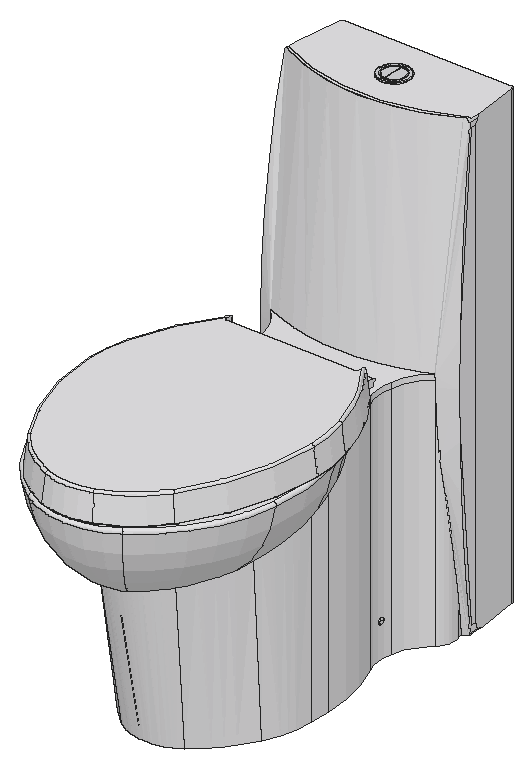
Revit family "Toilet-Floor_Mount-KOHLER-SAILE-K-3564T", category Plumbing Fixtures, host Face, Revit 2017 (continued)
Definition of nested family "K-3564T"
  Lines and regions (in)
    symbolic lines, detail levels medium+fine
      curve 121: circle (0, -8.4764216, 2.1653543) r 0.1740141 normal (1, 0, 0)
      curve 122: circle (0, -8.4748541, 2.1653543) r 0.157044 normal (1, 0, 0)
      curve 123: arc (-4.1154191, -9.6352212, 2.1653543) -> (-3.7026343, -7.9149425, 2.1653543) -> (-3.9954977, -6.1702417, 2.1653543) r 4.4326307
      curve 124: arc (4.1154191, -9.6352212, 2.1653543) -> (3.7026343, -7.9149425, 2.1653543) -> (3.9954977, -6.1702417, 2.1653543) r 4.4326307
      curve 125: line (-3.8387636, -8.3528371, 2.1653543) -> (-3.7960039, -8.3528371, 2.1653543)
      curve 126: arc (-3.7960039, -8.3528371, 2.1653543) -> (-3.805147, -8.4995014, 2.1653543) -> (-3.8494224, -8.6396217, 2.1653543) r 0.6042555
      curve 127: line (3.8387636, -8.3528371, 2.1653543) -> (3.7960039, -8.3528371, 2.1653543)
      curve 128: arc (3.7960039, -8.3528371, 2.1653543) -> (3.805147, -8.4995014, 2.1653543) -> (3.8494224, -8.6396217, 2.1653543) r 0.6042555
      curve 129: line (0, -0.0596497, 27.5713577) -> (0, -3.843581, 27.5713577)
      curve 130: arc (-0.0580991, -1.995137, 2.1653543) -> (-0.0692812, -1.9612893, 2.1653543) -> (-0.1032061, -1.9503436, 2.1653543) r 0.0393701
      curve 131: arc (-0.0101406, -1.9748045, 2.1653543) -> (0.0040849, -1.9512271, 2.1653543) -> (0.0302803, -1.9427381, 2.1653543) r 0.0393701
      curve 132: arc (-0.0625544, -3.1876248, 2.1653543) -> (-0.0813457, -3.2412159, 2.1653543) -> (-0.1360397, -3.2565022, 2.1653543) r 0.0614306
      curve 133: arc (0.0303066, -3.2701777, 2.1653543) -> (0.0041109, -3.2616898, 2.1653543) -> (-0.0101155, -3.2381129, 2.1653543) r 0.0393701
      curve 134: line (-5.6710168, 0, 15) -> (5.6710168, 0, 15)
      curve 135: line (6.2917944, 0, 15.1834021) -> (-6.2917944, 0, 15.1834021)
  Dimensions and locks (in)
    plane 4 to plane 5 = 14.29921"
    locked: plane 7 to plane 8 at 11.3425197
    plane 9 to level = 28 1/2"
    plane 10 "1" to level = 15"
    plane 11 to level = 7.22047"
    plane 10 "1" to plane 13 = 1.88189"
    plane 1 "Center (Front/Back)" to plane 12 = 1.62205"
    plane 1 "Center (Front/Back)" to plane 14 = 5.45669"
    plane 6 to plane 1 "Center (Front/Back)" = 28.03543"
    equal spacing: plane 6, plane 22, plane 1 "Center (Front/Back)"
    aligned and locked: plane 2 to level
  Automatic sketch dimensions
    curve 109 to plane 6 = 0"
    curve 121 to plane 21 "2" = 0"
    curve 122 to plane 21 "2" = 0"
    curve 95 to level = 0"
    curve 96 to level = 0"
    curve 98 to plane 20 = 0"
    curve 97 to plane 12 = 0"
    curve 102 to plane 6 = 0.66584"
    curve 101 to curve 102 = 0.10055"
    curve 99 to plane 6 = 12.59109"
    plane 10 "1" to curve 120 = 0.1834"
    plane 6 to curve 120 = 2.0213"
    plane 6 to curve 100 = 2.44381"
    plane 22 to curve 94 = 4.06791"
    curve 110 to plane 10 "1" = 0.2965"
    curve 94 to curve 110 = 0.38987"
    plane 14 to curve 121 = 3.01973"
    curve 121 to curve 122 = 0.00157"
    curve 105 to plane 9 = 0.27134"
    curve 105 to plane 14 = 0.82404"
    curve 96 to plane 10 "1" = 0.70269"
    plane 9 to curve 100 = 3.79703"
    curve 100 to curve 102 = 8.54416"
    curve 102 to curve 101 = 0.19891"
    curve 101 to curve 99 = 21.58527"
    plane 13 to curve 91 = 0.13082"
    plane 10 "1" to curve 93 = 0.00016"
    curve 93 to curve 120 = 0.554"
    curve 120 to curve 119 = 1.24918"
    curve 118 to plane 10 "1" = 0.00137"
    curve 119 to curve 118 = 0.25702"
    plane 20 to curve 100 = 1.42886"
    plane 6 to curve 100 = 4.51925"
    curve 100 to curve 102 = 0.07332"
    curve 117 to plane 10 "1" = 0.00137"
    curve 118 to curve 117 = 4.25045"
    curve 117 to curve 116 = 1.9685"
    curve 99 to curve 100 = 0"
    curve 114 to plane 22 = 0.61117"
    curve 114 to curve 115 = 0.19685"
    curve 101 to plane 22 = 0.03888"
    curve 102 to curve 101 = 0"
    curve 113 to plane 10 "1" = 0.00137"
    plane 22 to curve 113 = 1.01384"
    curve 112 to curve 92 = 0.68012"
    curve 91 to curve 94 = 0.17914"
    curve 94 to curve 108 = 0.02588"
    curve 108 to curve 111 = 0.01362"
    curve 109 to curve 110 = 0"
    curve 101 to curve 93 = 0.3937"
    curve 108 to curve 93 = 0"
    plane 10 "1" to curve 107 = 0.29084"
    curve 108 to curve 107 = 0.1167"
    plane 10 "1" to curve 103 = 0.00016"
    plane 14 to curve 103 = 1.37654"
    curve 103 to plane 14 = 0.22388"
    curve 104 to curve 96 = 0.2991"
    curve 104 to plane 9 = 0.0023"
    curve 104 to curve 104 = 0.03086"
    curve 104 to plane 9 = 0.00275"
    curve 104 to curve 104 = 0.02551"
    curve 105 to plane 9 = 0.12426"
    curve 105 to curve 106 = 0.12813"
    curve 98 to curve 97 = 0.3937"
    plane 12 to curve 106 = 0.04845"
    plane 1 "Center (Front/Back)" to curve 129 = 0.05965"
    curve 95 to curve 96 = 22.36322"
    curve 115 to plane 10 "1" = 0.00137"
    curve 114 to plane 10 "1" = 0.00137"
    curve 119 to plane 10 "1" = 0.00137"
    curve 120 to plane 10 "1" = 0.00137"
    curve 116 to plane 10 "1" = 0.00137"
    curve 108 to curve 94 = 0.07236"
    curve 107 to curve 94 = 0.17205"
    curve 106 to plane 9 = 0.12384"
    Extrusion 1 sketch curve to level = 0"
    Extrusion 1 sketch curve to plane 9 = 0"
    Extrusion 1 sketch curve to plane 10 "1" = 3/4"  (x2)
    Extrusion 1 sketch curve to plane 4 = 229.18053"
    plane 7 to Extrusion 1 sketch curve = 0.05569"
    plane 7 to Extrusion 1 sketch curve = 0.25998"
    plane 8 to Extrusion 1 sketch curve = 0.25998"
    plane 8 to Extrusion 1 sketch curve = 0.05569"
    Extrusion 1 sketch curve to plane 5 = 229.18053"
    Extrusion 1 sketch curve to Extrusion 1 sketch curve = 0.05906"  (x2)
    Extrusion 1 sketch curve to plane 9 = 0.27559"  (x2)
    Extrusion 1 sketch curve to Extrusion 1 sketch curve = 0"  (x2)
    Sweep 2 sketch curve to plane 4 = 0"
    Sweep 2 sketch curve to plane 3 "Center (Left/Right)" = 0"
    Sweep 2 sketch curve to plane 5 = 0"
    Sweep 2 sketch curve to plane 1 "Center (Front/Back)" = 5.53765"
    Sweep 2 sketch curve to plane 14 = 0.89871"
    Sweep 2 sketch curve to level = 0"
    profile plane to Sweep 2 sketch curve = 2 53/64"
    Sweep 2 sketch curve to profile plane = 1.37654"  (x2)
    level to Sweep 2 sketch curve = 14 1/4"
    Sweep 2 sketch curve to profile plane = 74 31/128"
    plane 1 "Center (Front/Back)" to Extrusion 3 sketch curve = 0"
    plane 4 to Extrusion 3 sketch curve = 0.23513"
    Extrusion 3 sketch curve to plane 7 = 0.06211"
    plane 1 "Center (Front/Back)" to Extrusion 3 sketch curve = 0.17286"  (x2)
    plane 7 to Extrusion 3 sketch curve = 0.37248"
    Extrusion 3 sketch curve to Extrusion 3 sketch curve = 0.19538"  (x2)
    plane 8 to Extrusion 3 sketch curve = 0.56786"
    Extrusion 3 sketch curve to plane 8 = 0.06211"
    plane 5 to Extrusion 3 sketch curve = 0.23513"
    Extrusion 3 sketch curve to plane 14 = 1.74441"  (x2)
    Extrusion 3 sketch curve to plane 1 "Center (Front/Back)" = 0.61843"
    Extrusion 4 sketch curve to level = 0"
    Extrusion 4 sketch curve to plane 14 = 1.76966"
    plane 9 to Extrusion 4 sketch curve = 0.16739"
    plane 1 "Center (Front/Back)" to Extrusion 4 sketch curve = 3.67544"
    Extrusion 4 sketch curve to Extrusion 4 sketch curve = 0.55372"
    Extrusion 4 sketch curve to plane 10 "1" = 0.70269"
    plane 1 "Center (Front/Back)" to Extrusion 5 sketch curve = 0"
    Extrusion 5 sketch curve to plane 3 "Center (Left/Right)" = 0"
    Extrusion 5 sketch curve to plane 7 = 0.38237"
    Extrusion 5 sketch curve to plane 8 = 0.38237"
    plane 12 to Extrusion 5 sketch curve = 1.89724"
    Extrusion 5 sketch curve to plane 1 "Center (Front/Back)" = 6.16435"
    Extrusion 6 sketch curve to level = 0"
    Extrusion 6 sketch curve to plane 14 = 1.76966"
    plane 9 to Extrusion 6 sketch curve = 0.16739"
    plane 1 "Center (Front/Back)" to Extrusion 6 sketch curve = 3.67544"
    Extrusion 6 sketch curve to Extrusion 6 sketch curve = 0.55372"
    Extrusion 6 sketch curve to plane 10 "1" = 0.70269"
    plane 12 to Revolve 7 sketch curve = 0.28764"
    Revolve 7 sketch curve to Revolve 7 sketch curve = 0.02347"
    plane 12 to Revolve 7 sketch curve = 0.07207"
    Revolve 7 sketch curve to Revolve 7 sketch curve = 0.02362"
    Revolve 7 sketch curve to plane 9 = 0.13303"
    Revolve 7 sketch curve to Revolve 7 sketch curve = 0.03556"
    Revolve 7 sketch curve to plane 9 = 0.07384"
    Revolve 7 sketch curve to Revolve 7 sketch curve = 0.70032"
    Revolve 7 sketch curve to Revolve 7 sketch curve = 0.31964"
    Extrusion 8 sketch curve to Extrusion 8 sketch curve = 0"  (x9)
    Extrusion 8 sketch curve to plane 3 "Center (Left/Right)" = 0.0923"
    Extrusion 8 sketch curve to plane 3 "Center (Left/Right)" = 0.08999"
    Extrusion 8 sketch curve to plane 3 "Center (Left/Right)" = 0.01532"
    Extrusion 8 sketch curve to plane 3 "Center (Left/Right)" = 0.01011"
    plane 3 "Center (Left/Right)" to Extrusion 8 sketch curve = 0.00142"
    plane 12 to Extrusion 8 sketch curve = 63/64"  (x2)
    plane 8 to Extrusion 8 sketch curve = 2.31806"
    Extrusion 8 sketch curve to Extrusion 8 sketch curve = 0.61342"
    Extrusion 8 sketch curve to Extrusion 8 sketch curve = 0.61795"
    Extrusion 8 sketch curve to Extrusion 8 sketch curve = 0.00364"
    plane 12 to Extrusion 8 sketch curve = 0.36503"
    Extrusion 8 sketch curve to Extrusion 8 sketch curve = 0.00455"
    Extrusion 8 sketch curve to Extrusion 8 sketch curve = 0.0031"
    Extrusion 8 sketch curve to Extrusion 8 sketch curve = 0.0277"
    Extrusion 9 sketch curve to plane 4 = 0.52084"
    plane 4 to Extrusion 9 sketch curve = 0.35711"
    plane 7 to Extrusion 9 sketch curve = 0.27146"
    plane 22 to Extrusion 9 sketch curve = 0.05582"  (x2)
    plane 7 to Extrusion 9 sketch curve = 0.50982"
    Extrusion 9 sketch curve to Extrusion 9 sketch curve = 0.08665"  (x2)
    plane 7 to Extrusion 9 sketch curve = 0.79333"
    Extrusion 9 sketch curve to Extrusion 9 sketch curve = 0.43118"
    plane 22 to Extrusion 9 sketch curve = 0.89858"  (x2)
    Extrusion 9 sketch curve to Extrusion 9 sketch curve = 0.70218"
    Extrusion 9 sketch curve to plane 14 = 0.67049"  (x2)
    Extrusion 9 sketch curve to Extrusion 9 sketch curve = 1.28989"
    Extrusion 9 sketch curve to plane 3 "Center (Left/Right)" = 0.07992"
    plane 8 to Extrusion 9 sketch curve = 1.56134"
    plane 8 to Extrusion 9 sketch curve = 1 3/16"
    plane 8 to Extrusion 9 sketch curve = 0.79333"
    Extrusion 9 sketch curve to Extrusion 9 sketch curve = 0.59101"
    plane 8 to Extrusion 9 sketch curve = 0.27146"
    plane 5 to Extrusion 9 sketch curve = 0.35711"
    Extrusion 9 sketch curve to plane 5 = 0.52084"
    Extrusion 9 sketch curve to plane 22 = 1.13309"  (x2)
    plane 22 to Extrusion 9 sketch curve = 0.326"
    plane 14 to Extrusion 9 sketch curve = 3.127"  (x2)
    Extrusion 9 sketch curve to Extrusion 9 sketch curve = 0.19705"  (x2)
    Extrusion 9 sketch curve to plane 14 = 1.07522"  (x2)
    plane 12 to Extrusion 9 sketch curve = 1.0962"
    Extrusion 9 sketch curve to Extrusion 9 sketch curve = 0"  (x3)
    plane 8 to Extrusion 9 sketch curve = 1.76099"
    Blend 10 sketch curve to Blend 10 sketch curve = 0"  (x32)
    Blend 10 sketch curve to plane 3 "Center (Left/Right)" = 0"  (x2)
    Blend 10 sketch curve to plane 3 "Center (Left/Right)" = 1.14935"
    plane 22 to Blend 10 sketch curve = 0.00453"  (x2)
    plane 7 to Blend 10 sketch curve = 2.0772"
    plane 7 to Blend 10 sketch curve = 1.30382"  (x2)
    plane 7 to Blend 10 sketch curve = 0.59648"  (x2)
    plane 3 "Center (Left/Right)" to Blend 10 sketch curve = 1.14935"
    plane 8 to Blend 10 sketch curve = 2.0772"
    plane 8 to Blend 10 sketch curve = 1.30396"  (x2)
    plane 8 to Blend 10 sketch curve = 0.59648"  (x2)
    Blend 10 sketch curve to plane 22 = 1.13309"  (x4)
    Blend 10 sketch curve to Blend 10 sketch curve = 0.15139"  (x3)
    Blend 10 sketch curve to plane 22 = 1.28448"
    Blend 10 sketch curve to Blend 10 sketch curve = 3.31184"
    Blend 10 sketch curve to plane 3 "Center (Left/Right)" = 1.50339"
    Blend 10 sketch curve to Blend 10 sketch curve = 0.43553"
    plane 4 to Blend 10 sketch curve = 0.34924"
    Blend 10 sketch curve to plane 22 = 0.43966"  (x2)
    Blend 10 sketch curve to plane 4 = 2.16731"
    plane 5 to Blend 10 sketch curve = 0.34924"
    Blend 10 sketch curve to plane 5 = 2.16731"
    Blend 10 sketch curve to Blend 10 sketch curve = 2.13573"
    Blend 10 sketch curve to plane 3 "Center (Left/Right)" = 1.99937"
    Blend 10 sketch curve to Blend 10 sketch curve = 0.57922"
    Sweep 11 sketch curve to plane 3 "Center (Left/Right)" = 0"
    plane 3 "Center (Left/Right)" to Sweep 11 sketch curve = 0.00023"
    Sweep 11 sketch curve to plane 15 = 0.49067"
    Sweep 11 sketch curve to plane 16 = 0.18284"  (x2)
    plane 16 to Sweep 11 sketch curve = 0.30549"  (x2)
    plane 17 to Sweep 11 sketch curve = 0.42695"  (x2)
    Sweep 11 sketch curve to plane 17 = 0.20617"
    plane 3 "Center (Left/Right)" to Sweep 11 sketch curve = 1.5759"
    Sweep 11 sketch curve to Sweep 11 sketch curve = 0.95832"  (x2)
    Sweep 11 sketch curve to plane 8 = 0.65993"
    Sweep 11 sketch curve to plane 3 "Center (Left/Right)" = 1.5759"
    Sweep 11 sketch curve to plane 7 = 0.65993"
    plane 18 to Sweep 11 sketch curve = 227/256"
    plane 15 to Sweep 11 sketch curve = 1.57868"
    Sweep 11 sketch curve to Sweep 11 sketch curve = 0"  (x9)
    Sweep 11 sketch curve to plane 16 = 1.07462"
    Sweep 11 sketch curve to plane 10 "1" = 0"
    profile plane to Sweep 11 sketch curve = 2.41612"
    Sweep 11 sketch curve to plane 10 "1" = 0.19685"
    Sweep 11 sketch curve to Sweep 11 sketch curve = 0.01244"
    Sweep 11 sketch curve to Sweep 11 sketch curve = 0.50256"
    Sweep 11 sketch curve to Sweep 11 sketch curve = 0.78265"
    Sweep 11 sketch curve to Sweep 11 sketch curve = 0.45891"
    profile plane to Sweep 11 sketch curve = 0.28086"
    Sweep 11 sketch curve to profile plane = 2.41428"
    Sweep 11 sketch curve to Sweep 11 sketch curve = 0.03765"
    plane 10 "1" to Sweep 11 sketch curve = 0.37524"
    Sweep 11 sketch curve to profile plane = 3.67976"
    Sweep 11 sketch curve to Sweep 11 sketch curve = 0.63303"
    Sweep 11 sketch curve to plane 10 "1" = 1.21021"
    Sweep 11 sketch curve to Sweep 11 sketch curve = 0.39761"
    Sweep 11 sketch curve to Sweep 11 sketch curve = 0.06085"
    Sweep 11 sketch curve to Sweep 11 sketch curve = 0.55304"
    Sweep 11 sketch curve to Sweep 11 sketch curve = 0.55399"
    Sweep 11 sketch curve to Sweep 11 sketch curve = 2.85807"
    Sweep 11 sketch curve to Sweep 11 sketch curve = 0.92696"
    Sweep 11 sketch curve to Sweep 11 sketch curve = 0.399"
    plane 6 to Extrusion 12 sketch curve = 2.53697"
    plane 10 "1" to Extrusion 12 sketch curve = 0.00016"
    plane 6 to Extrusion 12 sketch curve = 3.43581"
    Extrusion 12 sketch curve to plane 22 = 6.4542"
    plane 13 to Extrusion 12 sketch curve = 0.40552"
    Extrusion 12 sketch curve to plane 22 = 3.64094"
    plane 22 to Extrusion 12 sketch curve = 1.62282"
    plane 20 to Extrusion 12 sketch curve = 1.99725"
    Extrusion 12 sketch curve to plane 13 = 4.96067"
    plane 9 to Extrusion 12 sketch curve = 16.65678"
    Extrusion 12 sketch curve to Extrusion 12 sketch curve = 0"
    Extrusion 13 sketch curve to plane 3 "Center (Left/Right)" = 0"
    Extrusion 13 sketch curve to plane 14 = 0.67049"  (x2)
    plane 7 to Extrusion 13 sketch curve = 1.56134"
    plane 7 to Extrusion 13 sketch curve = 0.79333"
    plane 22 to Extrusion 13 sketch curve = 0.05582"  (x2)
    plane 7 to Extrusion 13 sketch curve = 0.50982"
    plane 7 to Extrusion 13 sketch curve = 0.27146"
    plane 4 to Extrusion 13 sketch curve = 0.35711"
    Extrusion 13 sketch curve to plane 4 = 0.52084"
    plane 8 to Extrusion 13 sketch curve = 1.56134"
    plane 8 to Extrusion 13 sketch curve = 0.79333"
    plane 8 to Extrusion 13 sketch curve = 0.50982"
    plane 8 to Extrusion 13 sketch curve = 0.27146"
    plane 5 to Extrusion 13 sketch curve = 0.35711"
    Extrusion 13 sketch curve to plane 5 = 0.52084"
    Extrusion 13 sketch curve to plane 22 = 3.02781"
    plane 14 to Extrusion 13 sketch curve = 3.127"  (x2)
    Extrusion 13 sketch curve to Extrusion 13 sketch curve = 0.19705"  (x2)
    Extrusion 13 sketch curve to plane 14 = 1.07522"  (x2)
    plane 12 to Extrusion 13 sketch curve = 1.0962"
    plane 7 to Extrusion 13 sketch curve = 1.76099"
    Extrusion 13 sketch curve to Extrusion 13 sketch curve = 0"  (x4)
    plane 7 to Extrusion 13 sketch curve = 0.68488"
    plane 8 to Extrusion 13 sketch curve = 1.76099"
    Extrusion 14 sketch curve to plane 3 "Center (Left/Right)" = 0"
    Extrusion 14 sketch curve to plane 3 "Center (Left/Right)" = 1.5759"
    Extrusion 14 sketch curve to Extrusion 14 sketch curve = 0.95832"  (x2)
    Extrusion 14 sketch curve to plane 7 = 0.65993"
    plane 3 "Center (Left/Right)" to Extrusion 14 sketch curve = 0.00023"
    plane 3 "Center (Left/Right)" to Extrusion 14 sketch curve = 1.5759"
    Extrusion 14 sketch curve to plane 8 = 0.65993"
    plane 6 to Extrusion 14 sketch curve = 5.13634"
    Extrusion 14 sketch curve to Extrusion 14 sketch curve = 3.69656"  (x2)
    Extrusion 14 sketch curve to Extrusion 14 sketch curve = 0.48833"  (x2)
    Extrusion 14 sketch curve to Extrusion 14 sketch curve = 1.61495"  (x2)
    Extrusion 14 sketch curve to Extrusion 14 sketch curve = 0.63313"
    Extrusion 14 sketch curve to plane 3 "Center (Left/Right)" = 0.03206"
    Extrusion 14 sketch curve to Extrusion 14 sketch curve = 0.00014"
    Extrusion 14 sketch curve to Extrusion 14 sketch curve = 0.0777"
    Extrusion 14 sketch curve to Extrusion 14 sketch curve = 0"  (x6)
    plane 3 "Center (Left/Right)" to Extrusion 14 sketch curve = 0.03252"
    Extrusion 15 sketch curve to plane 4 = 0"  (x2)
    Extrusion 15 sketch curve to plane 3 "Center (Left/Right)" = 0"
    Extrusion 15 sketch curve to plane 5 = 0"  (x2)
    plane 4 to Extrusion 15 sketch curve = 0.09449"
    plane 4 to Extrusion 15 sketch curve = 0.27934"
    plane 7 to Extrusion 15 sketch curve = 1.39953"
    Extrusion 15 sketch curve to Extrusion 15 sketch curve = 0.12462"  (x2)
    Extrusion 15 sketch curve to Extrusion 15 sketch curve = 0.20336"
    Extrusion 15 sketch curve to Extrusion 15 sketch curve = 0.06002"  (x2)
    Extrusion 15 sketch curve to plane 3 "Center (Left/Right)" = 2.23145"
    Extrusion 15 sketch curve to plane 3 "Center (Left/Right)" = 0.82433"
    plane 3 "Center (Left/Right)" to Extrusion 15 sketch curve = 0.82433"
    plane 3 "Center (Left/Right)" to Extrusion 15 sketch curve = 2.23145"
    plane 8 to Extrusion 15 sketch curve = 1.66291"
    Extrusion 15 sketch curve to Extrusion 15 sketch curve = 0.07874"
    plane 5 to Extrusion 15 sketch curve = 0.27934"
    plane 5 to Extrusion 15 sketch curve = 0.09449"
    plane 6 to Extrusion 15 sketch curve = 4.34341"
    Extrusion 15 sketch curve to Extrusion 15 sketch curve = 2.16097"
    Extrusion 15 sketch curve to Extrusion 15 sketch curve = 0"  (x6)
    Extrusion 15 sketch curve to plane 22 = 4.6082"  (x2)
    Extrusion 15 sketch curve to Extrusion 15 sketch curve = 4.20139"  (x2)
    Extrusion 15 sketch curve to Extrusion 15 sketch curve = 1.35796"
    Extrusion 15 sketch curve to Extrusion 15 sketch curve = 0.1817"
    plane 22 to Extrusion 15 sketch curve = 3.48569"
    Extrusion 15 sketch curve to Extrusion 15 sketch curve = 0.32536"  (x2)
    Extrusion 15 sketch curve to Extrusion 15 sketch curve = 0.11811"  (x2)
    Sweep 16 sketch curve to profile plane = 0"  (x2)
    profile plane to Sweep 16 sketch curve = 0.20859"
    Sweep 16 sketch curve to Sweep 16 sketch curve = 0.15606"
    Sweep 16 sketch curve to profile plane = 0.13641"
    Sweep 16 sketch curve to Sweep 16 sketch curve = 1.5449"
    plane 10 "1" to Extrusion 17 sketch curve = 0.00016"
    plane 22 to Extrusion 17 sketch curve = 3.3878"
    Extrusion 17 sketch curve to Extrusion 17 sketch curve = 0.05851"
    plane 13 to Extrusion 17 sketch curve = 0.55454"
    Extrusion 17 sketch curve to Extrusion 17 sketch curve = 0.49815"
    Extrusion 17 sketch curve to Extrusion 17 sketch curve = 0.71962"
    Extrusion 17 sketch curve to Extrusion 17 sketch curve = 0.06117"
    plane 10 "1" to Extrusion 18 sketch curve = 0.00016"
    plane 22 to Extrusion 18 sketch curve = 3.3878"
    Extrusion 18 sketch curve to Extrusion 18 sketch curve = 0.05851"
    plane 13 to Extrusion 18 sketch curve = 0.55454"
    Extrusion 18 sketch curve to Extrusion 18 sketch curve = 0.49815"
    Extrusion 18 sketch curve to Extrusion 18 sketch curve = 0.71962"
    Extrusion 18 sketch curve to Extrusion 18 sketch curve = 0.06117"
    plane 10 "1" to Extrusion 19 sketch curve = 0.00016"
    plane 22 to Extrusion 19 sketch curve = 3.3878"
    Extrusion 19 sketch curve to Extrusion 19 sketch curve = 0.05851"
    plane 13 to Extrusion 19 sketch curve = 0.55454"
    Extrusion 19 sketch curve to Extrusion 19 sketch curve = 0.49815"
    Extrusion 19 sketch curve to Extrusion 19 sketch curve = 0.71962"
    plane 13 to Extrusion 19 sketch curve = 0.11724"
    plane 11 to Extrusion 20 sketch curve = 0.21523"
    plane 22 to Extrusion 20 sketch curve = 3.21695"
    plane 10 "1" to Extrusion 20 sketch curve = 0.69304"
    plane 22 to Extrusion 20 sketch curve = 4.00184"
    plane 10 "1" to Extrusion 20 sketch curve = 0.00016"
    Extrusion 20 sketch curve to Extrusion 20 sketch curve = 1.36114"
    Extrusion 20 sketch curve to Extrusion 20 sketch curve = 0.08904"
    Extrusion 20 sketch curve to Extrusion 20 sketch curve = 0.19685"
    Extrusion 20 sketch curve to Extrusion 20 sketch curve = 0.11089"
    Extrusion 20 sketch curve to Extrusion 20 sketch curve = 0.24184"
    Extrusion 20 sketch curve to Extrusion 20 sketch curve = 0"
    plane 11 to Extrusion 21 sketch curve = 0.21523"
    plane 22 to Extrusion 21 sketch curve = 3.21695"
    plane 10 "1" to Extrusion 21 sketch curve = 0.69304"
    plane 22 to Extrusion 21 sketch curve = 4.00184"
    plane 10 "1" to Extrusion 21 sketch curve = 0.00016"
    Extrusion 21 sketch curve to Extrusion 21 sketch curve = 1.36114"
    Extrusion 21 sketch curve to Extrusion 21 sketch curve = 0.08904"
    Extrusion 21 sketch curve to Extrusion 21 sketch curve = 0.19685"
    plane 10 "1" to Extrusion 21 sketch curve = 0.35289"
    plane 10 "1" to Extrusion 21 sketch curve = 0.11105"
    Extrusion 21 sketch curve to Extrusion 21 sketch curve = 0"
    Extrusion 22 sketch curve to plane 12 = 0"
    Extrusion 22 sketch curve to plane 20 = 0"
    Extrusion 23 sketch curve to plane 3 "Center (Left/Right)" = 0"
    Extrusion 23 sketch curve to plane 11 = 0"
    plane 7 to Revolve 24 sketch curve = 2.18551"
    plane 14 to Revolve 24 sketch curve = 2.98081"
    Revolve 24 sketch curve to Revolve 24 sketch curve = 0.05528"
    Revolve 24 sketch curve to Revolve 24 sketch curve = 0.03217"
    Revolve 24 sketch curve to Revolve 24 sketch curve = 0.11971"
    Revolve 24 sketch curve to Revolve 24 sketch curve = 0.0187"
    Revolve 24 sketch curve to Revolve 24 sketch curve = 0.03372"
    Revolve 24 sketch curve to Revolve 24 sketch curve = 0.00076"
    Revolve 24 sketch curve to Revolve 24 sketch curve = 0.2787"
    Revolve 24 sketch curve to Revolve 24 sketch curve = 0.03208"
    Revolve 24 sketch curve to Revolve 24 sketch curve = 0.01698"
    Revolve 24 sketch curve to Revolve 24 sketch curve = 0.10915"
    Revolve 24 sketch curve to Revolve 24 sketch curve = 0.05814"
    Revolve 24 sketch curve to Revolve 24 sketch curve = 0.3029"
    Revolve 24 sketch curve to Revolve 24 sketch curve = 0.21697"
    Revolve 25 sketch curve to plane 8 = 2.18551"
    Revolve 25 sketch curve to plane 14 = 2.98081"
    Revolve 25 sketch curve to Revolve 25 sketch curve = 0.05528"
    Revolve 25 sketch curve to Revolve 25 sketch curve = 0.03217"
    Revolve 25 sketch curve to Revolve 25 sketch curve = 0.11971"
    Revolve 25 sketch curve to Revolve 25 sketch curve = 0.0187"
    Revolve 25 sketch curve to Revolve 25 sketch curve = 0.03372"
    Revolve 25 sketch curve to Revolve 25 sketch curve = 0.00076"
    Revolve 25 sketch curve to Revolve 25 sketch curve = 0.2787"
    Revolve 25 sketch curve to Revolve 25 sketch curve = 0.03208"
    Revolve 25 sketch curve to Revolve 25 sketch curve = 0.01698"
    Revolve 25 sketch curve to Revolve 25 sketch curve = 0.10915"
    Revolve 25 sketch curve to Revolve 25 sketch curve = 0.05814"
    Revolve 25 sketch curve to Revolve 25 sketch curve = 0.3029"
    Revolve 25 sketch curve to Revolve 25 sketch curve = 0.21697"
    Masking region 1 sketch curve to Masking region 1 sketch curve = 0"  (x14)
    Masking region 1 sketch curve to plane 3 "Center (Left/Right)" = 0"
    Masking region 1 sketch curve to plane 5 = 0"  (x2)
    Masking region 1 sketch curve to plane 4 = 0"  (x2)
    Masking region 1 sketch curve to plane 8 = 0"
    Masking region 1 sketch curve to plane 7 = 0"
    plane 1 "Center (Front/Back)" to Masking region 1 sketch curve = 0"
    plane 1 "Center (Front/Back)" to Masking region 1 sketch curve = 0.17286"  (x2)
    Masking region 1 sketch curve to Masking region 1 sketch curve = 0.02399"  (x2)
    plane 12 to Masking region 1 sketch curve = 1.58439"  (x2)
    Masking region 1 sketch curve to Masking region 1 sketch curve = 0.46528"  (x2)
    Masking region 1 sketch curve to plane 14 = 0.64934"  (x2)
    Masking region 1 sketch curve to plane 14 = 0.22296"  (x2)
    plane 14 to Masking region 1 sketch curve = 2.86175"  (x2)
    Masking region 1 sketch curve to Masking region 1 sketch curve = 0.00568"  (x2)
    Masking region 1 sketch curve to Masking region 1 sketch curve = 0.03439"  (x2)
    plane 7 to Masking region 1 sketch curve = 1.79564"
    Masking region 1 sketch curve to Masking region 1 sketch curve = 0.02999"  (x2)
    plane 8 to Masking region 1 sketch curve = 1.79564"
    plane 5 to Masking region 1 sketch curve = 0.35711"
    Masking region 1 sketch curve to Masking region 1 sketch curve = 0.06252"  (x2)
    plane 4 to Masking region 1 sketch curve = 0.35711"
    Masking region 1 sketch curve to Masking region 1 sketch curve = 0.08473"  (x2)
    Masking region 1 sketch curve to Masking region 1 sketch curve = 0.05404"  (x2)
    Masking region 1 sketch curve to plane 4 = 0.52084"
    Masking region 1 sketch curve to Masking region 1 sketch curve = 0.19705"  (x2)
    Masking region 1 sketch curve to plane 5 = 0.52084"
    Masking region 1 sketch curve to Masking region 1 sketch curve = 0.24771"  (x2)
    Masking region 1 sketch curve to Masking region 1 sketch curve = 0.03111"  (x2)
    Masking region 1 sketch curve to Masking region 1 sketch curve = 0.00456"  (x2)
    Masking region 1 sketch curve to Masking region 1 sketch curve = 0.00212"  (x2)
    plane 7 to Masking region 1 sketch curve = 0.58767"
    Masking region 1 sketch curve to Masking region 1 sketch curve = 0.55074"  (x2)
    plane 8 to Masking region 1 sketch curve = 0.58767"
    plane 4 to Masking region 1 sketch curve = 0.09449"
    Masking region 1 sketch curve to plane 22 = 3.25024"  (x2)
    plane 5 to Masking region 1 sketch curve = 0.09449"
    plane 3 "Center (Left/Right)" to Masking region 1 sketch curve = 2.23145"
    Masking region 1 sketch curve to Masking region 1 sketch curve = 0.0617"
    Masking region 1 sketch curve to plane 3 "Center (Left/Right)" = 2.23145"
    plane 4 to Masking region 1 sketch curve = 0.27934"
    Masking region 1 sketch curve to Masking region 1 sketch curve = 1.17626"  (x2)
    plane 5 to Masking region 1 sketch curve = 0.27934"
    plane 3 "Center (Left/Right)" to Masking region 1 sketch curve = 0.82433"
    Masking region 1 sketch curve to Masking region 1 sketch curve = 4.20139"
    Masking region 1 sketch curve to plane 3 "Center (Left/Right)" = 0.82433"
    Masking region 1 sketch curve to Masking region 1 sketch curve = 2.16097"
    Masking region 1 sketch curve to plane 3 "Center (Left/Right)" = 0.48067"
    Masking region 1 sketch curve to plane 1 "Center (Front/Back)" = 6.34342"
    plane 3 "Center (Left/Right)" to Masking region 1 sketch curve = 0.48067"
    Masking region 1 sketch curve to plane 8 = 0.41929"
    plane 8 to Masking region 1 sketch curve = 0.37248"
    Masking region 1 sketch curve to Masking region 1 sketch curve = 0.01725"
    Masking region 1 sketch curve to Masking region 1 sketch curve = 0.00656"
    Masking region 1 sketch curve to Masking region 1 sketch curve = 0.01602"  (x2)
    Masking region 1 sketch curve to Masking region 1 sketch curve = 0.01514"
    Masking region 1 sketch curve to Masking region 1 sketch curve = 0.01637"  (x2)
    Masking region 1 sketch curve to Masking region 1 sketch curve = 0.01639"  (x2)
    Masking region 1 sketch curve to Masking region 1 sketch curve = 0.35301"
    Masking region 1 sketch curve to Masking region 1 sketch curve = 0.00187"  (x2)
    Masking region 1 sketch curve to Masking region 1 sketch curve = 0.39174"
    Masking region 1 sketch curve to Masking region 1 sketch curve = 0.03686"
    Masking region 1 sketch curve to Masking region 1 sketch curve = 0.0262"
    Masking region 1 sketch curve to Masking region 1 sketch curve = 0.00123"
    plane 7 to Masking region 1 sketch curve = 0.56786"
    Masking region 1 sketch curve to plane 7 = 0.41929"
    plane 14 to Masking region 1 sketch curve = 0.31571"  (x2)
    Masking region 1 sketch curve to Masking region 1 sketch curve = 0.12206"
    Masking region 1 sketch curve to Masking region 1 sketch curve = 0.12566"
    Masking region 1 sketch curve to Masking region 1 sketch curve = 0.39222"  (x2)
    Extrusion 26 sketch curve to plane 7 = 0.62053"
    Extrusion 26 sketch curve to plane 7 = 0.22683"
    plane 7 to Extrusion 26 sketch curve = 0.06604"
    Extrusion 26 sketch curve to Extrusion 26 sketch curve = 0.34095"  (x2)
    plane 7 to Extrusion 26 sketch curve = 0.89059"
    plane 7 to Extrusion 26 sketch curve = 1.35174"
    Extrusion 26 sketch curve to Extrusion 26 sketch curve = 0.29823"  (x2)
    Extrusion 26 sketch curve to Extrusion 26 sketch curve = 1.07659"  (x2)
    plane 8 to Extrusion 26 sketch curve = 2 93/128"
    plane 8 to Extrusion 26 sketch curve = 1.23154"
    plane 8 to Extrusion 26 sketch curve = 0.407"
    Extrusion 26 sketch curve to plane 8 = 0.22683"
    Extrusion 26 sketch curve to Extrusion 26 sketch curve = 0.3937"
    plane 6 to Extrusion 26 sketch curve = 2.0213"  (x2)
    Extrusion 26 sketch curve to Extrusion 26 sketch curve = 0.25702"  (x2)
    Extrusion 26 sketch curve to Extrusion 26 sketch curve = 4.25045"  (x2)
    Extrusion 26 sketch curve to Extrusion 26 sketch curve = 1.9685"  (x2)
    Extrusion 26 sketch curve to plane 22 = 0.61117"  (x2)
    Extrusion 26 sketch curve to Extrusion 26 sketch curve = 0.19685"  (x2)
    Masking region 3 sketch curve to plane 6 = 0"
    Masking region 3 sketch curve to plane 10 "1" = 0"
    Masking region 3 sketch curve to level = 0"
    Masking region 3 sketch curve to plane 9 = 0"
    Masking region 3 sketch curve to plane 14 = 0"
    Masking region 3 sketch curve to plane 1 "Center (Front/Back)" = 0"  (x2)
    plane 6 to Masking region 3 sketch curve = 0.01785"
    plane 6 to Masking region 3 sketch curve = 0.11811"
    Masking region 3 sketch curve to Masking region 3 sketch curve = 0.11707"
    plane 6 to Masking region 3 sketch curve = 0.18648"
    Masking region 3 sketch curve to Masking region 3 sketch curve = 0.19512"
    Masking region 3 sketch curve to Masking region 3 sketch curve = 1.88638"
    plane 6 to Masking region 3 sketch curve = 4.51925"
    Masking region 3 sketch curve to plane 10 "1" = 0.1842"
    Masking region 3 sketch curve to Masking region 3 sketch curve = 2.72991"
    Masking region 3 sketch curve to plane 11 = 2.45512"
    Masking region 3 sketch curve to Masking region 3 sketch curve = 0.7862"
    plane 10 "1" to Masking region 3 sketch curve = 0.77424"
    Masking region 3 sketch curve to Masking region 3 sketch curve = 2.18889"
    Masking region 3 sketch curve to Masking region 3 sketch curve = 1.753"
    Masking region 3 sketch curve to plane 22 = 4.8706"
    plane 11 to Masking region 3 sketch curve = 0.21523"
    plane 22 to Masking region 3 sketch curve = 3.21695"
    plane 13 to Masking region 3 sketch curve = 0.32687"
    plane 22 to Masking region 3 sketch curve = 3.87106"
    Masking region 3 sketch curve to Masking region 3 sketch curve = 0.19685"  (x3)
    plane 10 "1" to Masking region 3 sketch curve = 0.00016"
    Masking region 3 sketch curve to Masking region 3 sketch curve = 1.29506"
    Masking region 3 sketch curve to Masking region 3 sketch curve = 0.08904"
    Masking region 3 sketch curve to Masking region 3 sketch curve = 1.62466"
    Masking region 3 sketch curve to plane 20 = 0.21064"
    plane 14 to Masking region 3 sketch curve = 1.28433"
    Masking region 3 sketch curve to plane 9 = 0.12384"
    Masking region 3 sketch curve to plane 14 = 1.6917"
    Masking region 3 sketch curve to Masking region 3 sketch curve = 0.21549"
    Masking region 3 sketch curve to Masking region 3 sketch curve = 0.02935"
    plane 12 to Masking region 3 sketch curve = 0.07497"
    Masking region 3 sketch curve to Masking region 3 sketch curve = 0.02652"
    plane 1 "Center (Front/Back)" to Masking region 3 sketch curve = 0.11811"
    plane 1 "Center (Front/Back)" to Masking region 3 sketch curve = 0.1073"
    plane 1 "Center (Front/Back)" to Masking region 3 sketch curve = 0.09338"
    Masking region 3 sketch curve to plane 10 "1" = 0.77911"
    Masking region 3 sketch curve to level = 277.20772"
    Masking region 3 sketch curve to Masking region 3 sketch curve = 4.45878"
    plane 10 "1" to Masking region 3 sketch curve = 0.11105"
    plane 10 "1" to Masking region 3 sketch curve = 0.1834"
    Masking region 3 sketch curve to Masking region 3 sketch curve = 0.11811"
    Masking region 3 sketch curve to Masking region 3 sketch curve = 0.24184"
    plane 10 "1" to Masking region 3 sketch curve = 0.68649"
    plane 13 to Masking region 3 sketch curve = 0.32758"
    Masking region 3 sketch curve to Masking region 3 sketch curve = 0.02605"
    Masking region 3 sketch curve to plane 9 = 1.01572"
    Masking region 3 sketch curve to Masking region 3 sketch curve = 0.18321"
    Masking region 3 sketch curve to plane 9 = 0.24195"
    Masking region 3 sketch curve to Masking region 3 sketch curve = 0.01635"
    Masking region 3 sketch curve to Masking region 3 sketch curve = 0"  (x3)
    Masking region 3 sketch curve to Masking region 3 sketch curve = 0.12737"
    Masking region 3 sketch curve to plane 9 = 0.00019"
    Masking region 3 sketch curve to Masking region 3 sketch curve = 0.00215"
    Masking region 3 sketch curve to Masking region 3 sketch curve = 0.12274"
    plane 1 "Center (Front/Back)" to Extrusion 27 sketch curve = 0"
    Extrusion 27 sketch curve to plane 7 = 0"
    Extrusion 27 sketch curve to plane 3 "Center (Left/Right)" = 0"
    Extrusion 27 sketch curve to plane 8 = 0"
    Extrusion 27 sketch curve to plane 14 = 0.22661"  (x2)
    Extrusion 27 sketch curve to plane 7 = 0.41929"
    Extrusion 27 sketch curve to Extrusion 27 sketch curve = 0.42272"  (x2)
    Extrusion 27 sketch curve to plane 1 "Center (Front/Back)" = 5.53765"
    Extrusion 28 sketch curve to plane 4 = 0"  (x2)
    Extrusion 28 sketch curve to plane 3 "Center (Left/Right)" = 0"
    Extrusion 28 sketch curve to plane 5 = 0"  (x2)
    Extrusion 28 sketch curve to plane 4 = 0.52084"
    plane 4 to Extrusion 28 sketch curve = 0.09449"
    plane 4 to Extrusion 28 sketch curve = 0.27934"
    Extrusion 28 sketch curve to plane 7 = 0.51477"
    plane 7 to Extrusion 28 sketch curve = 0.63668"
    Extrusion 28 sketch curve to plane 3 "Center (Left/Right)" = 2.23145"
    Extrusion 28 sketch curve to plane 3 "Center (Left/Right)" = 0.82433"
    plane 3 "Center (Left/Right)" to Extrusion 28 sketch curve = 0.82433"
    plane 3 "Center (Left/Right)" to Extrusion 28 sketch curve = 2.23145"
    plane 14 to Extrusion 28 sketch curve = 0.31571"  (x2)
    plane 8 to Extrusion 28 sketch curve = 0.63668"
    Extrusion 28 sketch curve to plane 8 = 0.51477"
    plane 5 to Extrusion 28 sketch curve = 0.27934"
    plane 5 to Extrusion 28 sketch curve = 0.09449"
    Extrusion 28 sketch curve to plane 5 = 0.52084"
    plane 14 to Extrusion 28 sketch curve = 2.98172"
    Extrusion 28 sketch curve to Extrusion 28 sketch curve = 2.66601"
    Extrusion 28 sketch curve to Extrusion 28 sketch curve = 0.14528"  (x2)
    Extrusion 28 sketch curve to plane 22 = 3.25024"  (x2)
    Extrusion 28 sketch curve to Extrusion 28 sketch curve = 0.0617"
    Extrusion 28 sketch curve to Extrusion 28 sketch curve = 0"  (x9)
    Extrusion 28 sketch curve to Extrusion 28 sketch curve = 1.17626"  (x2)
    Extrusion 28 sketch curve to Extrusion 28 sketch curve = 4.20139"
    Extrusion 28 sketch curve to Extrusion 28 sketch curve = 2.16097"
    Extrusion 28 sketch curve to plane 14 = 0.66854"
    Extrusion 29 sketch curve to plane 4 = 0"  (x2)
    Extrusion 29 sketch curve to plane 3 "Center (Left/Right)" = 0"
    Extrusion 29 sketch curve to plane 5 = 0"  (x2)
    plane 4 to Extrusion 29 sketch curve = 0.09449"
    plane 4 to Extrusion 29 sketch curve = 0.27934"
    plane 7 to Extrusion 29 sketch curve = 1.30239"
    Extrusion 29 sketch curve to plane 3 "Center (Left/Right)" = 2.23145"
    Extrusion 29 sketch curve to plane 3 "Center (Left/Right)" = 0.82433"
    plane 3 "Center (Left/Right)" to Extrusion 29 sketch curve = 0.82433"
    plane 3 "Center (Left/Right)" to Extrusion 29 sketch curve = 2.23145"
    plane 8 to Extrusion 29 sketch curve = 1.30239"
    plane 5 to Extrusion 29 sketch curve = 0.27934"
    plane 5 to Extrusion 29 sketch curve = 0.09449"
    plane 6 to Extrusion 29 sketch curve = 4.34341"
    Extrusion 29 sketch curve to Extrusion 29 sketch curve = 2.16097"
    Extrusion 29 sketch curve to Extrusion 29 sketch curve = 0"  (x4)
    Extrusion 29 sketch curve to plane 22 = 4.6082"  (x2)
    Extrusion 29 sketch curve to Extrusion 29 sketch curve = 4.20139"  (x2)
    Extrusion 29 sketch curve to Extrusion 29 sketch curve = 1.35796"
    Extrusion 29 sketch curve to Extrusion 29 sketch curve = 0.1817"
    plane 22 to Extrusion 29 sketch curve = 4.06791"
    curve 10 to curve 11 = 0"  (x2)
    curve 10 to curve 13 = 0"  (x2)
    curve 10 to curve 14 = 0"  (x2)
    curve 11 to curve 13 = 0"  (x2)
    curve 11 to curve 14 = 0"  (x2)
    curve 12 to curve 15 = 0"  (x2)
    curve 13 to curve 14 = 0"  (x2)
    curve 19 to curve 20 = 0"  (x2)
    curve 63 to curve 77 = 0"  (x2)
    curve 67 to curve 78 = 0"  (x2)
    curve 68 to curve 79 = 0"  (x2)
    curve 69 to curve 80 = 0"  (x2)
    curve 71 to curve 76 = 0"  (x2)
    curve 72 to curve 75 = 0"  (x2)
    curve 65 to plane 3 "Center (Left/Right)" = 0"
    curve 83 to plane 3 "Center (Left/Right)" = 0"
    curve 23 to plane 8 = 0"
    curve 21 to plane 7 = 0"
    curve 11 to plane 3 "Center (Left/Right)" = 0"
    curve 20 to plane 3 "Center (Left/Right)" = 0"
    curve 18 to plane 3 "Center (Left/Right)" = 0"
    plane 6 to curve 65 = 4.63323"
    curve 65 to curve 83 = 0.51021"
    curve 66 to plane 3 "Center (Left/Right)" = 0.82433"
    curve 83 to curve 66 = 1.65076"
    plane 3 "Center (Left/Right)" to curve 64 = 0.82433"
    curve 66 to curve 64 = 0"
    plane 5 to curve 75 = 0.27934"
    curve 75 to plane 22 = 4.31838"
    plane 4 to curve 80 = 0.27934"
    curve 80 to plane 22 = 4.31838"
    plane 3 "Center (Left/Right)" to curve 76 = 2.23145"
    curve 64 to curve 76 = 4.20139"
    curve 79 to plane 3 "Center (Left/Right)" = 2.23145"
    curve 66 to curve 79 = 4.20139"
    plane 4 to curve 67 = 0.09449"
    curve 69 to curve 67 = 1.35796"
    plane 5 to curve 63 = 0.09449"
    curve 72 to curve 63 = 1.35796"
    plane 22 to curve 73 = 2.5944"
    plane 22 to curve 74 = 2.5944"
    plane 8 to curve 82 = 0.74419"
    curve 74 to curve 82 = 0.48087"
    plane 7 to curve 81 = 0.74419"
    curve 73 to curve 81 = 0.48087"
    curve 73 to curve 70 = 0.7874"
    curve 73 to curve 31 = 0.10389"
    curve 31 to curve 32 = 0.06002"
    curve 31 to curve 51 = 0.06002"
    curve 32 to curve 37 = 0.32536"
    curve 50 to curve 55 = 0.32536"
    curve 44 to plane 3 "Center (Left/Right)" = 0.20344"
    curve 25 to curve 44 = 0.45877"
    curve 37 to curve 33 = 0.11811"
    curve 55 to curve 52 = 0.11811"
    curve 62 to curve 46 = 5/64"
    curve 44 to curve 27 = 5/64"
    plane 7 to curve 81 = 1.39953"
    curve 34 to curve 81 = 0.07874"
    plane 8 to curve 82 = 1.39953"
    curve 52 to curve 82 = 0.07874"
    curve 47 to curve 48 = 0.08483"
    curve 27 to curve 29 = 0.08483"
    curve 46 to curve 46 = 1.37925"
    curve 48 to curve 45 = 1.29442"
    curve 26 to curve 41 = 1.37925"
    curve 29 to curve 40 = 1.29442"
    curve 58 to curve 56 = 0.11811"
    curve 41 to curve 38 = 0.11811"
    curve 25 to curve 126 = 0.22703"
    curve 45 to curve 128 = 0.22703"
    curve 45 to curve 127 = 0.26304"
    curve 25 to curve 125 = 0.26304"
    curve 123 to plane 4 = 0.98301"
    plane 14 to curve 123 = 2.30493"
    plane 14 to curve 124 = 2.30493"
    plane 8 to curve 24 = 0.00124"
    curve 24 to plane 14 = 1.57487"
    plane 7 to curve 22 = 0.00124"
    curve 132 to plane 3 "Center (Left/Right)" = 0.12336"
    plane 12 to curve 132 = 1.57435"
    curve 22 to curve 21 = 0.70937"
    curve 24 to curve 23 = 0.70937"
    plane 3 "Center (Left/Right)" to curve 133 = 0.02858"
    curve 133 to curve 132 = 0.03445"
    curve 133 to curve 11 = 0.62085"
    plane 3 "Center (Left/Right)" to curve 15 = 0.00114"
    curve 10 to curve 15 = 0.00354"
    plane 12 to curve 16 = 63/64"
    curve 16 to curve 17 = 0.00003"
    curve 130 to plane 3 "Center (Left/Right)" = 0.09702"
    plane 12 to curve 130 = 47/128"
    plane 3 "Center (Left/Right)" to curve 131 = 0.02855"
    curve 130 to curve 131 = 0.00715"
    curve 20 to plane 1 "Center (Front/Back)" = 5.53765"
    curve 20 to curve 18 = 0.6267"
    curve 124 to plane 5 = 0.98301"
    plane 8 to curve 23 = 0.64734"
    plane 8 to curve 128 = 1.27207"
    curve 82 to curve 74 = 0.76728"
    curve 54 to curve 54 = 0.12462"
    curve 54 to curve 53 = 0.08902"
    curve 23 to curve 16 = 1.05734"
    curve 128 to curve 127 = 0.60318"
    curve 48 to curve 48 = 0.50044"
    curve 127 to curve 45 = 0.28273"
    curve 16 to curve 17 = 0.61322"
    curve 56 to curve 56 = 1.31194"
    curve 44 to curve 27 = 1.76167"
    curve 41 to curve 40 = 1.31194"
    curve 27 to curve 29 = 0.04438"
    curve 25 to curve 125 = 0.28273"
    curve 32 to curve 37 = 0.26337"
    curve 29 to curve 34 = 0.08902"
    curve 32 to curve 73 = 0.15143"
    curve 125 to curve 126 = 0.60318"
    plane 7 to curve 21 = 0.64734"
    plane 7 to curve 64 = 1.32702"
    plane 8 to curve 66 = 1.32702"
    curve 63 to curve 64 = 0"
    curve 67 to curve 66 = 0"
    curve 78 to curve 67 = 1.14939"
    curve 77 to curve 63 = 1.14939"
    curve 83 to curve 78 = 0"
    curve 65 to curve 64 = 0"
    curve 79 to curve 78 = 0"
    curve 76 to curve 77 = 0"
    curve 68 to curve 67 = 0"
    curve 71 to curve 63 = 0"
    curve 72 to curve 71 = 0"
    curve 69 to curve 68 = 0"
    curve 43 to curve 33 = 0.04472"
    curve 62 to curve 61 = 0"
    curve 55 to curve 55 = 0.02249"
    curve 37 to curve 37 = 0.02249"
    curve 46 to curve 28 = 0.08483"
    curve 48 to curve 124 = 0.27508"
    curve 29 to curve 123 = 0.27508"
    curve 57 to curve 45 = 0.03886"
    curve 39 to curve 25 = 0.03886"
    curve 128 to curve 127 = 0.28678"
    curve 126 to curve 125 = 0.28678"
    curve 126 to curve 42 = 0.03585"
    curve 128 to curve 60 = 0.03585"
    curve 60 to curve 127 = 0.00121"
    curve 42 to curve 125 = 0.00121"
    plane 14 to curve 124 = 0.71355"
    plane 14 to curve 123 = 0.71355"
    plane 14 to curve 20 = 0.29699"  (x2)
    curve 24 to plane 14 = 0.22296"
    curve 22 to plane 14 = 0.22296"
    curve 18 to curve 19 = 0.01053"
    curve 23 to curve 18 = 0"
    curve 21 to curve 18 = 0"
    curve 11 to curve 132 = 0.3679"
    curve 13 to curve 133 = 0.09426"
    plane 3 "Center (Left/Right)" to curve 133 = 0.03031"
    curve 15 to curve 133 = 0"
    curve 132 to curve 132 = 0.06011"
    curve 12 to curve 132 = 0"
    curve 16 to curve 132 = 0"
    curve 17 to curve 133 = 0"
    curve 130 to curve 16 = 0"
    curve 131 to curve 17 = 0"
    curve 24 to plane 8 = 0.41929"
    plane 8 to curve 20 = 0.61711"
    curve 60 to curve 127 = 0.07962"
    curve 60 to curve 128 = 0.01755"
    curve 60 to curve 127 = 0.03686"
    curve 125 to curve 125 = 0.04276"
    curve 126 to curve 42 = 0.01755"
    curve 125 to curve 42 = 0.03686"
    curve 22 to plane 7 = 0.41929"
    Masking region 2 sketch curve to Masking region 2 sketch curve = 0"  (x9)
    Masking region 2 sketch curve to plane 4 = 0"
    Masking region 2 sketch curve to plane 10 "1" = 0"  (x2)
    Masking region 2 sketch curve to level = 0"
    Masking region 2 sketch curve to plane 9 = 0"
    plane 3 "Center (Left/Right)" to Masking region 2 sketch curve = 0"
    plane 5 to Masking region 2 sketch curve = 0"
    Masking region 2 sketch curve to plane 10 "1" = 3/4"  (x2)
    Masking region 2 sketch curve to plane 4 = 229.18053"
    plane 4 to Masking region 2 sketch curve = 0.01779"
    Masking region 2 sketch curve to Masking region 2 sketch curve = 0.11708"
    plane 4 to Masking region 2 sketch curve = 0.19053"
    Masking region 2 sketch curve to Masking region 2 sketch curve = 0.09563"
    Masking region 2 sketch curve to Masking region 2 sketch curve = 0.1561"  (x2)
    Masking region 2 sketch curve to plane 7 = 0.62053"
    plane 7 to Masking region 2 sketch curve = 0.00024"
    plane 7 to Masking region 2 sketch curve = 0.05569"
    plane 7 to Masking region 2 sketch curve = 0.25998"
    plane 13 to Masking region 2 sketch curve = 0.28495"  (x2)
    Masking region 2 sketch curve to plane 3 "Center (Left/Right)" = 1.50514"
    plane 3 "Center (Left/Right)" to Masking region 2 sketch curve = 1.50514"
    plane 8 to Masking region 2 sketch curve = 0.25998"
    plane 8 to Masking region 2 sketch curve = 0.05569"
    Masking region 2 sketch curve to plane 8 = 0.62053"
    plane 5 to Masking region 2 sketch curve = 0.34663"
    plane 5 to Masking region 2 sketch curve = 0.23049"
    plane 5 to Masking region 2 sketch curve = 0.13486"
    plane 5 to Masking region 2 sketch curve = 0.01779"
    Masking region 2 sketch curve to plane 5 = 229.18053"
    Masking region 2 sketch curve to level = 161.81659"
    Masking region 2 sketch curve to Masking region 2 sketch curve = 0.05906"  (x2)
    Masking region 2 sketch curve to plane 10 "1" = 0.9589"
    Masking region 2 sketch curve to Masking region 2 sketch curve = 0.1834"
    Masking region 2 sketch curve to Masking region 2 sketch curve = 0.11811"  (x2)
    plane 13 to Masking region 2 sketch curve = 0.28713"  (x2)
    Masking region 2 sketch curve to Masking region 2 sketch curve = 0.02077"  (x2)
    Masking region 2 sketch curve to plane 9 = 0.27559"  (x2)
    Masking region 2 sketch curve to plane 7 = 0.40917"
    plane 13 to Masking region 2 sketch curve = 0.10337"  (x2)
    Masking region 2 sketch curve to Masking region 2 sketch curve = 0.62078"
    curve 134 to plane 10 "1" = 0"
    curve 89 to level = 0"
    plane 3 "Center (Left/Right)" to curve 84 = 0"
    curve 88 to plane 3 "Center (Left/Right)" = 0"
    curve 90 to level = 0"
    curve 86 to plane 3 "Center (Left/Right)" = 0.34172"
    plane 7 to curve 89 = 1.03768"
    plane 3 "Center (Left/Right)" to curve 87 = 0.34172"
    curve 84 to level = 161.81659"
    plane 20 to curve 89 = 2.60257"
    plane 10 "1" to curve 87 = 0.62277"
    curve 89 to curve 88 = 0.17343"
    plane 7 to curve 134 = 0.00024"
    plane 13 to curve 84 = 0.10337"  (x2)
    curve 84 to plane 7 = 0.406"
    plane 10 "1" to curve 135 = 0.1834"
    curve 135 to plane 7 = 0.62053"
    plane 13 to curve 85 = 0.12977"
    plane 4 to curve 85 = 0.34063"
    plane 8 to curve 134 = 0.00024"
    curve 135 to plane 8 = 0.62053"
    plane 5 to curve 85 = 0.34063"
    plane 10 "1" to curve 86 = 0.62277"
    curve 86 to plane 7 = 0.40917"
    plane 8 to curve 90 = 1.03768"
    curve 87 to plane 8 = 0.40917"
    curve 129 to curve 105 = 0.07874"
    curve 105 to curve 104 = 0.56872"
    curve 104 to curve 95 = 0.13737"
    curve 129 to curve 96 = 0.07874"
    curve 95 to curve 96 = 0.19467"
    curve 96 to plane 1 "Center (Front/Back)" = 86.34141"
    plane 6 to curve 91 = 0.37573"
    curve 92 to curve 111 = 0.13374"
    curve 111 to curve 107 = 0.1973"
    radius of curve 121 = 0.17401"
    radius of curve 122 = 0.15704"
    radius of Extrusion 22 sketch curve = 0.3937"
    radius of Extrusion 23 sketch curve = 1.5748"
